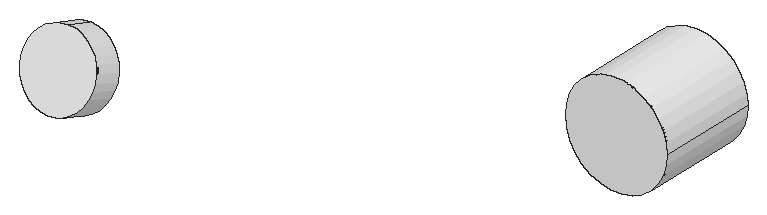
Revit family "Deca_Torneira de tanque com derivação para maquina_Torneira Uso Geral_1155.20", category Plumbing Fixtures, host Face, Revit 2019
Family settings
  Host = Face
  Round Connector Dimension = Use Radius
  Part Type = Normal
  Cut with Voids When Loaded = No
  Shared = No
  Room Calculation Point = No
Parameters (values of type "1155.C20_Cromado")
  Vazão na Pressão mín. (L/min) = "11 l/min"
  Vazão na Pressão máx. (L/min) = "41 l/min"
  URL = "www.deca.com.br"
  Tipo de rosca de saída = "-"
  Tipo de rosca de entrada = "BSP NBR 8133"
  Tipo de mecanismo utilizado = "MVC -1/4 volta"
  Tipo de dispositivo economizador = "Não"
  Segmento = "Banheiro Competitivo"
  Saída de Esgoto = "-"
  Raio Água Fria = 7.5 mm  # constant formula
  Pressão mín. funcionamento = "2 MCA"
  Pressão mín. Aquec. Passagem = "-"
  Pressão mín. Aquec. Acúmulo = "-"
  Pressão máx. funcionamento = "40 MCA"
  Peso Líquido (Kg) = 0.548
  Norma = "NBR10281"
  Model = "1155.C20"
  Material = Deca_Cromado
  Manufacturer = "Deca"
  Linha = "Torneira Uso Geral"
  Itens de Instalação = "-"
  Informações Complementares = "-"
  Description = "Torneira de tanque com derivação para maquina"
  Default Elevation = 1100 mm
  Diâmetro Água Fria = Raio Água Fria * 2  # 15 mm
  Código Pai = "1155.20"
  Criado por = "quattroD"
  Cores Componente = "-"
  Cor Secundária = "-"
  Cor Principal = "Cromado"
  Cor Interna = "-"
  Consumo = "-"
  Composição Componente = "-"
  Composição Básica = "Liga de Cobre (bronze e latão),Plásticos de Engenharia,Elastômeros"
  Composição Assento = "-"
  Composição Anel Vedação = "-"
  Categoria = "METAIS PARA AREA SERVICO"
  Atendimento ao Cliente = "0800-0117073"
  Aprovado por = "quattroD"
  Acompanha o Produto = "-"
Reference planes
  plane 1 "Center (Front/Back)": y = 0
  plane 2: z = 0
  plane 3 "Center (Left/Right)": x = 0
Forms (mm)
  Extrusion 1, solid, material "Deca_Cromado"
    sketch origin (0, 128.683, 26.326) x (1, 0, 0) y (0, 0, 1)
      loop
        circle (-0.077, 45.34) r 6.257
    from 79.556 to 91.75
  Extrusion 2, solid, material "Deca_Cromado"
    sketch origin (116.109, -231.37, 130.6) x (0, -0.34202, -0.939693) y (-1, 0, 0)
      loop
        circle (-49.09, 116.088) r 4.569
    from 176.947 to 180.461
Lines and regions (mm)
  Masking region 1
    outline origin (0, 0, 0) x (1, 0, 0) y (0, 1, 0)
      loop
        line (22.5, 58.683) -> (-22.5, 58.683)
        arc (-22.5, 58.683) -> (-27.5, 53.683) -> (-22.5, 48.683) r 5
        line (-22.5, 48.683) -> (-10.335, 48.683)
        arc (-10.335, 48.683) -> (-8.927, 48.103) -> (-8.335, 46.7) r 2
        line (-8.335, 46.7) -> (-8.25, 36.933) -> (-11.28, 36.933)
        arc (-11.28, 36.933) -> (-11.633, 36.786) -> (-11.78, 36.433) r 0.5
        line (-11.78, 36.433) -> (-11.78, 21.923)
        arc (-11.78, 21.923) -> (-25, -0.121) -> (-11.79, -22.173) r 25
        line (-11.79, -22.173) -> (-11.79, -25.657)
        arc (-11.79, -25.657) -> (-12.849, -26.814) -> (-13.055, -28.37) r 2.615
        arc (-13.055, -28.37) -> (-13.734, -29.056) -> (-14.001, -29.984) r 1.952
        line (-14.001, -29.984) -> (-14.001, -33.192) -> (-19.783, -33.192)
        arc (-19.783, -33.192) -> (-21.35, -33.841) -> (-22, -35.409) r 2.217
        line (-22, -35.409) -> (-22, -45.192)
        arc (-22, -45.192) -> (-21.414, -46.606) -> (-20, -47.192) r 2
        line (-20, -47.192) -> (-6.9, -47.192) -> (-6.9, -48.491) -> (-11.077, -48.491) -> (-13.077, -50.491) -> (-13.077, -61.291) -> (-12, -62.369) -> (-12, -63.366) -> (12, -63.366) -> (12, -62.369) -> (13.077, -61.291) -> (13.077, -50.491) -> (11.077, -48.491) -> (6.9, -48.491) -> (6.9, -47.192) -> (19.761, -47.192)
        arc (19.761, -47.192) -> (21.176, -46.606) -> (21.761, -45.192) r 2
        line (21.761, -45.192) -> (21.761, -35.192)
        spline (21.761, -35.192) -> (21.744, -34.931) -> (21.694, -34.674) -> (21.611, -34.427) -> (21.496, -34.192) -> (21.353, -33.974) -> (21.182, -33.778) -> (20.987, -33.605) -> (20.772, -33.46) -> (20.54, -33.344) -> (20.295, -33.26) -> (20.041, -33.209) -> (19.783, -33.192)
        line (19.783, -33.192) -> (14.001, -33.192) -> (14.001, -29.984)
        arc (14.001, -29.984) -> (13.91, -29.41) -> (13.638, -28.895) r 1.778
        arc (13.638, -28.895) -> (13.014, -27.078) -> (11.752, -25.63) r 5.003
        line (11.752, -25.63) -> (11.752, -22.193)
        arc (11.752, -22.193) -> (25, -0.143) -> (11.78, 21.923) r 25
        line (11.78, 21.923) -> (11.78, 36.433)
        arc (11.78, 36.433) -> (11.633, 36.786) -> (11.28, 36.933) r 0.5
        line (11.28, 36.933) -> (8.25, 36.933) -> (8.335, 46.7)
        arc (8.335, 46.7) -> (8.927, 48.103) -> (10.335, 48.683) r 2
        line (10.335, 48.683) -> (22.5, 48.683)
        arc (22.5, 48.683) -> (27.5, 53.683) -> (22.5, 58.683) r 5
  Masking region 2
    outline origin (0, 0, 0) x (1, 0, 0) y (0, 0, 1)
      loop
        arc (25, 5.03) -> (24.74, 5.874) -> (24.052, 6.425) r 1.5
        line (24.052, 6.425) -> (13.75, 10.5) -> (11.799, 10.5) -> (11.799, 31.803)
        arc (11.799, 31.803) -> (15.661, 33.761) -> (19.907, 34.613) r 16
        arc (19.907, 34.613) -> (21.135, 35.135) -> (21.761, 36.315) r 2
        arc (21.761, 36.315) -> (22, 39.545) -> (21.761, 42.776) r 22
        arc (21.761, 42.776) -> (21.136, 43.955) -> (19.907, 44.478) r 2
        arc (19.907, 44.478) -> (15.661, 45.329) -> (11.799, 47.288) r 16
        line (11.799, 47.288) -> (11.799, 69.03)
        arc (11.799, 69.03) -> (13.631, 69.418) -> (15.5, 69.548) r 13.5
        line (15.5, 69.548) -> (27.5, 69.548) -> (27.5, 73.548) -> (15.5, 73.548)
        arc (15.5, 73.548) -> (13.631, 73.678) -> (11.799, 74.065) r 13.5
        arc (11.799, 74.065) -> (11.549, 87.661) -> (10.803, 101.239) r 371.696
        arc (10.803, 101.239) -> (14.472, 109.268) -> (13.168, 117.999) r 15.515
        arc (13.168, 117.999) -> (7.802, 124.068) -> (0, 126.247) r 14.298
        arc (0, 126.247) -> (-6.991, 124.422) -> (-12.344, 119.57) r 15.165
        arc (-12.344, 119.57) -> (-14.804, 110.136) -> (-10.807, 101.244) r 14.668
        arc (-10.807, 101.244) -> (-11.571, 87.664) -> (-11.799, 74.065) r 344.699
        arc (-11.799, 74.065) -> (-13.631, 73.678) -> (-15.5, 73.548) r 13.5
        line (-15.5, 73.548) -> (-27.5, 73.548) -> (-27.5, 69.548) -> (-15.5, 69.548)
        arc (-15.5, 69.548) -> (-13.631, 69.418) -> (-11.799, 69.03) r 13.5
        line (-11.799, 69.03) -> (-11.799, 47.29)
        arc (-11.799, 47.29) -> (-15.661, 45.331) -> (-19.908, 44.478) r 16
        arc (-19.908, 44.478) -> (-21.136, 43.955) -> (-21.761, 42.776) r 2
        arc (-21.761, 42.776) -> (-22, 39.545) -> (-21.761, 36.315) r 22
        arc (-21.761, 36.315) -> (-21.135, 35.135) -> (-19.907, 34.612) r 2
        arc (-19.907, 34.612) -> (-15.661, 33.76) -> (-11.799, 31.8) r 16
        line (-11.799, 31.8) -> (-11.799, 10.5) -> (-13.75, 10.5) -> (-24.052, 6.425)
        arc (-24.052, 6.425) -> (-24.74, 5.874) -> (-25, 5.03) r 1.5
        line (-25, 5.03) -> (-25, 0) -> (25, 0) -> (25, 5.03)
  Masking region 3
    outline origin (0, 0, 0) x (0, 1, 0) y (0, 0, 1)
      loop
        line (58.683, 49.048) -> (58.683, 94.048)
        arc (58.683, 94.048) -> (53.683, 99.048) -> (48.683, 94.048) r 5
        line (48.683, 94.048) -> (48.683, 82.65)
        arc (48.683, 82.65) -> (48.087, 81.213) -> (46.65, 80.617) r 2.033
        line (46.65, 80.617) -> (36.934, 80.532) -> (36.934, 84.864)
        arc (36.934, 84.864) -> (36.742, 85.328) -> (36.277, 85.521) r 0.657
        line (36.277, 85.521) -> (20.632, 85.521)
        arc (20.632, 85.521) -> (13.416, 86.468) -> (8.489, 91.826) r 10.66
        arc (8.489, 91.826) -> (-3.207, 107.986) -> (-20.952, 117.099) r 42.848
        arc (-20.952, 117.099) -> (-22.916, 119.013) -> (-23.12, 121.748) r 3.874
        line (-23.12, 121.748) -> (-25.187, 122.499)
        arc (-25.187, 122.499) -> (-24.967, 122.972) -> (-25.158, 123.458) r 0.662
        line (-25.158, 123.458) -> (-29.331, 124.979)
        arc (-29.331, 124.979) -> (-29.725, 125.194) -> (-30.039, 125.515) r 1.511
        line (-30.039, 125.515) -> (-34.088, 126.99) -> (-35.496, 126.334) -> (-37.148, 122.886)
        arc (-37.148, 122.886) -> (-37.746, 121.399) -> (-39.027, 120.436) r 2.984
        line (-39.027, 120.436) -> (-42.685, 121.766) -> (-45.205, 121.78) -> (-44.915, 122.577) -> (-48.966, 123.149) -> (-48.676, 123.946) -> (-52.741, 124.516) -> (-52.433, 125.315) -> (-55.354, 125.473) -> (-59.327, 115.175) -> (-56.811, 113.285) -> (-56.52, 114.084) -> (-53.053, 111.916) -> (-52.762, 112.717) -> (-49.293, 110.551) -> (-49.003, 111.348) -> (-47.077, 109.747) -> (-43.693, 108.511)
        arc (-43.693, 108.511) -> (-42.84, 107.728) -> (-42.79, 106.572) r 1.514
        line (-42.79, 106.572) -> (-44.593, 101.608) -> (-43.883, 100.084) -> (-40.535, 98.868)
        arc (-40.535, 98.868) -> (-39.847, 98.7) -> (-39.16, 98.868) r 1.495
        line (-39.16, 98.868) -> (-34.852, 97.206)
        arc (-34.852, 97.206) -> (-34.256, 97.332) -> (-34.13, 97.928) r 0.559
        line (-34.13, 97.928) -> (-32.054, 97.172)
        arc (-32.054, 97.172) -> (-29.777, 99.1) -> (-26.821, 98.694) r 3.663
        arc (-26.821, 98.694) -> (-15.946, 88.415) -> (-11.937, 73.999) r 27.928
        line (-11.937, 73.999) -> (-11.937, 61.803)
        arc (-11.937, 61.803) -> (-14.575, 55.435) -> (-20.943, 52.797) r 9.006
        line (-20.943, 52.797) -> (-33.192, 53.227) -> (-33.903, 60.25)
        arc (-33.903, 60.25) -> (-34.495, 61.678) -> (-35.923, 62.269) r 2.019
        line (-35.923, 62.269) -> (-44.456, 62.269)
        arc (-44.456, 62.269) -> (-46.031, 61.534) -> (-46.481, 59.856) r 2.056
        arc (-46.481, 59.856) -> (-46.82, 56.714) -> (-47.049, 53.562) r 91.611
        line (-47.049, 53.562) -> (-47.049, 47.17) -> (-48.527, 47.17) -> (-48.527, 51.347) -> (-50.528, 53.347) -> (-61.292, 53.347) -> (-62.368, 52.271) -> (-63.366, 52.271) -> (-63.366, 28.271) -> (-62.368, 28.271) -> (-61.292, 27.195) -> (-50.528, 27.195) -> (-48.527, 29.195) -> (-48.527, 33.369) -> (-47.192, 33.369) -> (-47.192, 27.294) -> (-46.507, 20.713)
        arc (-46.507, 20.713) -> (-46.051, 19.013) -> (-44.456, 18.27) r 2.082
        line (-44.456, 18.27) -> (-35.923, 18.27)
        arc (-35.923, 18.27) -> (-34.534, 18.807) -> (-33.868, 20.14) r 2.063
        line (-33.868, 20.14) -> (-33.192, 27.315) -> (-21.243, 27.731)
        arc (-21.243, 27.731) -> (-14.655, 25.002) -> (-11.926, 18.414) r 9.317
        line (-11.926, 18.414) -> (-11.926, 10.46) -> (-13.997, 10.46) -> (-24.178, 6.428)
        arc (-24.178, 6.428) -> (-24.858, 5.871) -> (-25.127, 5.034) r 1.556
        line (-25.127, 5.034) -> (-25.127, 0) -> (24.873, 0) -> (24.873, 5.034)
        arc (24.873, 5.034) -> (24.613, 5.877) -> (23.924, 6.428) r 1.498
        line (23.924, 6.428) -> (13.742, 10.46) -> (11.671, 10.46) -> (11.671, 51.671)
        arc (11.671, 51.671) -> (14.413, 57.465) -> (20.632, 59.02) r 7.493
        line (20.632, 59.02) -> (36.433, 59.02)
        arc (36.433, 59.02) -> (36.803, 59.486) -> (36.934, 60.066) r 1.343
        line (36.934, 60.066) -> (36.934, 64.008) -> (46.65, 63.923)
        arc (46.65, 63.923) -> (48.086, 63.329) -> (48.681, 61.892) r 2.031
        line (48.681, 61.892) -> (48.681, 49.048)
        arc (48.681, 49.048) -> (53.682, 44.047) -> (58.683, 49.048) r 5.001
  symbolic lines
    curve 1: line (22.5, 58.683, 0) -> (-22.5, 58.683, 0)
    curve 2: arc (-22.5, 58.683, 0) -> (-27.5, 53.683, 0) -> (-22.5, 48.683, 0) r 5
    curve 3: line (-10.335, 48.683, 0) -> (-22.5, 48.683, 0)
    curve 4: line (-15.5, 58.683, 0) -> (-15.5, 48.683, 0)
    curve 5: line (-2, 58.683, 0) -> (-2, 48.683, 0)
    curve 6: line (2, 48.683, 0) -> (2, 58.683, 0)
    curve 7: line (15.5, 48.683, 0) -> (15.5, 58.683, 0)
    curve 8: arc (22.5, 48.683, 0) -> (27.5, 53.683, 0) -> (22.5, 58.683, 0) r 5
    curve 9: line (22.5, 48.683, 0) -> (10.335, 48.683, 0)
    curve 10: line (8.335, 46.7, 0) -> (-8.335, 46.7, 0)
    curve 11: line (-8.335, 46.7, 0) -> (-8.25, 36.933, 0)
    curve 12: line (8.25, 36.933, 0) -> (8.335, 46.7, 0)
    curve 13: arc (10.335, 48.683, 0) -> (8.927, 48.103, 0) -> (8.335, 46.7, 0) r 2
    curve 14: arc (-8.335, 46.7, 0) -> (-8.927, 48.103, 0) -> (-10.335, 48.683, 0) r 2
    curve 15: line (3.259, 48.683, 0) -> (-3.259, 48.683, 0)
    curve 16: line (11.28, 36.933, 0) -> (-11.28, 36.933, 0)
    curve 17: line (-11.78, 36.433, 0) -> (11.78, 36.433, 0)
    curve 18: line (-11.78, 20.623, 0) -> (-11.78, 36.433, 0)
    curve 19: line (11.78, 36.433, 0) -> (11.78, 20.623, 0)
    curve 20: line (11.78, 20.623, 0) -> (-11.78, 20.623, 0)
    curve 21: line (-11.674, 1.584, 0) -> (-11.674, 20.623, 0)
    curve 22: line (11.674, 1.584, 0) -> (11.674, 20.623, 0)
    curve 23: arc (-11.674, 7.138, 0) -> (-13.75, -0.016, 0) -> (-11.79, -7.202, 0) r 13.75
    curve 24: arc (-11.354, 3.082, 0) -> (-11.797, 0.069, 0) -> (-11.455, -2.957, 0) r 11.799
    curve 25: arc (11.454, -2.959, 0) -> (11.797, 0.068, 0) -> (11.354, 3.082, 0) r 11.799
    curve 26: arc (11.752, -7.265, 0) -> (13.75, -0.053, 0) -> (11.674, 7.138, 0) r 13.75
    curve 27: line (-11.79, -25.657, 0) -> (-11.79, -1.533, 0)
    curve 28: line (11.752, -1.533, 0) -> (11.752, -25.63, 0)
    curve 29: spline (-5.199, -21.23, 0) -> (-5.86, -21.375, 0) -> (-6.48, -21.537, 0) -> (-7.055, -21.715, 0) -> (-7.581, -21.907, 0) -> (-8.054, -22.112, 0) -> (-8.471, -22.329, 0) -> (-8.829, -22.556, 0) -> (-9.125, -22.792, 0) -> (-9.358, -23.034, 0) -> (-9.525, -23.282, 0) -> (-9.626, -23.534, 0) -> (-9.659, -23.787, 0)
    curve 30: spline (5.199, -21.23, 0) -> (4.405, -21.087, 0) -> (3.573, -20.968, 0) -> (2.708, -20.874, 0) -> (1.819, -20.807, 0) -> (0.914, -20.766, 0) -> (0, -20.753, 0) -> (-0.914, -20.766, 0) -> (-1.819, -20.807, 0) -> (-2.708, -20.874, 0) -> (-3.573, -20.968, 0) -> (-4.405, -21.087, 0) -> (-5.199, -21.23, 0)
    curve 31: spline (9.659, -23.787, 0) -> (9.626, -23.534, 0) -> (9.525, -23.282, 0) -> (9.358, -23.034, 0) -> (9.125, -22.792, 0) -> (8.829, -22.556, 0) -> (8.471, -22.329, 0) -> (8.054, -22.112, 0) -> (7.581, -21.907, 0) -> (7.055, -21.715, 0) -> (6.48, -21.537, 0) -> (5.86, -21.375, 0) -> (5.199, -21.23, 0)
    curve 32: spline (11.752, -25.63, 0) -> (10.484, -24.918, 0) -> (8.851, -24.3, 0) -> (6.911, -23.795, 0) -> (4.73, -23.423, 0) -> (2.385, -23.195, 0) -> (-0.044, -23.12, 0) -> (-2.47, -23.201, 0) -> (-4.811, -23.434, 0) -> (-6.985, -23.811, 0) -> (-8.915, -24.32, 0) -> (-10.536, -24.942, 0) -> (-11.79, -25.657, 0)
    curve 33: spline (14.001, -29.984, 0) -> (13.524, -28.746, 0) -> (12.125, -27.592, 0) -> (9.9, -26.601, 0) -> (7.001, -25.841, 0) -> (3.624, -25.363, 0) -> (0, -25.2, 0) -> (-3.624, -25.363, 0) -> (-7.001, -25.841, 0) -> (-9.9, -26.601, 0) -> (-12.125, -27.592, 0) -> (-13.524, -28.746, 0) -> (-14.001, -29.984, 0)
    curve 34: line (-14.001, -29.984, 0) -> (-14.128, -34.188, 0)
    curve 35: line (14.001, -29.984, 0) -> (13.976, -33.873, 0)
    curve 36: line (-14.22, -35.192, 0) -> (-21.761, -35.192, 0)
    curve 37: line (14.25, -35.192, 0) -> (21.761, -35.192, 0)
    curve 38: spline (21.761, -35.192, 0) -> (21.744, -34.931, 0) -> (21.694, -34.674, 0) -> (21.611, -34.427, 0) -> (21.496, -34.192, 0) -> (21.353, -33.974, 0) -> (21.182, -33.778, 0) -> (20.987, -33.605, 0) -> (20.772, -33.46, 0) -> (20.54, -33.344, 0) -> (20.295, -33.26, 0) -> (20.041, -33.209, 0) -> (19.783, -33.192, 0)
    curve 39: spline (-19.783, -33.192, 0) -> (-20.041, -33.209, 0) -> (-20.295, -33.26, 0) -> (-20.54, -33.344, 0) -> (-20.772, -33.46, 0) -> (-20.987, -33.605, 0) -> (-21.182, -33.778, 0) -> (-21.353, -33.974, 0) -> (-21.496, -34.192, 0) -> (-21.611, -34.427, 0) -> (-21.694, -34.674, 0) -> (-21.744, -34.931, 0) -> (-21.761, -35.192, 0)
    curve 40: line (-19.908, -45.192, 0) -> (-19.908, -35.192, 0)
    curve 41: line (-22, -35.192, 0) -> (-22, -45.192, 0)
    curve 42: line (-21.761, -35.192, 0) -> (-21.761, -45.192, 0)
    curve 43: spline (-21.761, -45.192, 0) -> (-21.744, -45.453, 0) -> (-21.694, -45.71, 0) -> (-21.611, -45.957, 0) -> (-21.496, -46.192, 0) -> (-21.353, -46.41, 0) -> (-21.182, -46.606, 0) -> (-20.987, -46.779, 0) -> (-20.772, -46.924, 0) -> (-20.54, -47.04, 0) -> (-20.295, -47.124, 0) -> (-20.041, -47.175, 0) -> (-19.783, -47.192, 0)
    curve 44: line (-22, -45.192, 0) -> (-6.373, -45.192, 0)
    curve 45: arc (-22, -45.192, 0) -> (-21.414, -46.606, 0) -> (-20, -47.192, 0) r 2
    curve 46: line (22, -45.192, 0) -> (6.373, -45.192, 0)
    curve 47: spline (6.373, -45.192, 0) -> (6.303, -44.585, 0) -> (5.747, -44.008, 0) -> (4.749, -43.506, 0) -> (3.385, -43.116, 0) -> (1.76, -42.87, 0) -> (0, -42.785, 0) -> (-1.76, -42.87, 0) -> (-3.385, -43.116, 0) -> (-4.749, -43.506, 0) -> (-5.747, -44.008, 0) -> (-6.303, -44.585, 0) -> (-6.373, -45.192, 0)
    curve 48: spline (6.352, -47.356, 0) -> (6.305, -46.744, 0) -> (5.765, -46.161, 0) -> (4.772, -45.652, 0) -> (3.406, -45.256, 0) -> (1.772, -45.006, 0) -> (0, -44.92, 0) -> (-1.772, -45.006, 0) -> (-3.406, -45.256, 0) -> (-4.772, -45.652, 0) -> (-5.765, -46.161, 0) -> (-6.305, -46.744, 0) -> (-6.352, -47.356, 0)
    curve 49: spline (6.377, -51.036, 0) -> (6.273, -50.438, 0) -> (5.698, -49.872, 0) -> (4.695, -49.381, 0) -> (3.341, -49.001, 0) -> (1.735, -48.761, 0) -> (0, -48.679, 0) -> (-1.735, -48.761, 0) -> (-3.341, -49.001, 0) -> (-4.695, -49.381, 0) -> (-5.698, -49.872, 0) -> (-6.273, -50.438, 0) -> (-6.377, -51.036, 0)
    curve 50: spline (6.356, -54.866, 0) -> (6.304, -54.255, 0) -> (5.759, -53.673, 0) -> (4.766, -53.166, 0) -> (3.4, -52.772, 0) -> (1.769, -52.522, 0) -> (0, -52.437, 0) -> (-1.769, -52.522, 0) -> (-3.4, -52.772, 0) -> (-4.766, -53.166, 0) -> (-5.759, -53.673, 0) -> (-6.304, -54.255, 0) -> (-6.356, -54.866, 0)
    curve 51: spline (5.544, -57.254, 0) -> (5.355, -56.763, 0) -> (4.801, -56.306, 0) -> (3.92, -55.913, 0) -> (2.772, -55.612, 0) -> (1.435, -55.423, 0) -> (0, -55.358, 0) -> (-1.435, -55.423, 0) -> (-2.772, -55.612, 0) -> (-3.92, -55.913, 0) -> (-4.801, -56.306, 0) -> (-5.355, -56.763, 0) -> (-5.544, -57.254, 0) -> (-5.355, -57.744, 0) -> (-4.801, -58.202, 0) -> (-3.92, -58.594, 0) -> (-2.772, -58.896, 0) -> (-1.435, -59.085, 0) -> (0, -59.15, 0) -> (1.435, -59.085, 0) -> (2.772, -58.896, 0) -> (3.92, -58.594, 0) -> (4.801, -58.202, 0) -> (5.355, -57.744, 0) -> (5.544, -57.254, 0)
    curve 52: spline (-4.5, -57.254, 0) -> (-4.347, -57.652, 0) -> (-3.897, -58.023, 0) -> (-3.182, -58.342, 0) -> (-2.25, -58.586, 0) -> (-1.165, -58.74, 0) -> (0, -58.793, 0) -> (1.165, -58.74, 0) -> (2.25, -58.586, 0) -> (3.182, -58.342, 0) -> (3.897, -58.023, 0) -> (4.347, -57.652, 0) -> (4.5, -57.254, 0) -> (4.347, -56.855, 0) -> (3.897, -56.484, 0) -> (3.182, -56.166, 0) -> (2.25, -55.921, 0) -> (1.165, -55.767, 0) -> (0, -55.715, 0) -> (-1.165, -55.767, 0) -> (-2.25, -55.921, 0) -> (-3.182, -56.166, 0) -> (-3.897, -56.484, 0) -> (-4.347, -56.855, 0) -> (-4.5, -57.254, 0)
    curve 53: line (5.51, -57.464, 0) -> (6.356, -54.866, 0)
    curve 54: line (-5.51, -57.464, 0) -> (-6.356, -54.866, 0)
    curve 55: line (-5.775, -53.684, 0) -> (-6.377, -51.036, 0)
    curve 56: line (-5.775, -53.684, 0) -> (-6.377, -51.036, 0)
    curve 57: line (5.775, -53.684, 0) -> (6.377, -51.036, 0)
    curve 58: line (-5.774, -49.925, 0) -> (-6.352, -47.356, 0)
    curve 59: line (5.774, -49.925, 0) -> (6.352, -47.356, 0)
    curve 60: line (-6.373, -45.192, 0) -> (-5.931, -46.29, 0)
    curve 61: line (6.373, -45.192, 0) -> (5.931, -46.29, 0)
    curve 62: line (11.077, -48.491, 0) -> (13.077, -50.491, 0)
    curve 63: line (-13.077, -50.491, 0) -> (-11.077, -48.491, 0)
    curve 64: line (-13.077, -50.491, 0) -> (-13.077, -61.291, 0)
    curve 65: line (13.077, -61.291, 0) -> (13.077, -50.491, 0)
    curve 66: line (-13.077, -61.291, 0) -> (13.077, -61.291, 0)
    curve 67: line (12.002, -62.366, 0) -> (-12.002, -62.366, 0)
    curve 68: line (-12, -63.366, 0) -> (12, -63.366, 0)
    curve 69: line (-12.002, -62.366, 0) -> (-13.077, -61.291, 0)
    curve 70: line (-12, -62.366, 0) -> (-12, -63.366, 0)
    curve 71: line (13.077, -61.291, 0) -> (12.002, -62.366, 0)
    curve 72: line (-12, -63.366, 0) -> (12, -63.366, 0)
    curve 73: line (12, -63.366, 0) -> (12, -62.366, 0)
    curve 74: spline (19.783, -47.192, 0) -> (20.041, -47.175, 0) -> (20.295, -47.124, 0) -> (20.54, -47.04, 0) -> (20.772, -46.924, 0) -> (20.987, -46.779, 0) -> (21.182, -46.606, 0) -> (21.353, -46.41, 0) -> (21.496, -46.192, 0) -> (21.611, -45.957, 0) -> (21.694, -45.71, 0) -> (21.744, -45.453, 0) -> (21.761, -45.192, 0)
    curve 75: line (22, -35.192, 0) -> (22, -45.192, 0)
    curve 76: line (19.907, -35.192, 0) -> (19.907, -45.192, 0)
    curve 77: spline (19.783, -47.192, 0) -> (19.799, -47.175, 0) -> (19.815, -47.124, 0) -> (19.831, -47.04, 0) -> (19.845, -46.924, 0) -> (19.859, -46.779, 0) -> (19.871, -46.606, 0) -> (19.882, -46.41, 0) -> (19.891, -46.192, 0) -> (19.898, -45.957, 0) -> (19.903, -45.71, 0) -> (19.906, -45.453, 0) -> (19.907, -45.192, 0)
    curve 78: line (21.761, -45.192, 0) -> (21.761, -35.192, 0)
    curve 79: line (-6.9, -47.192, 0) -> (-6.9, -48.491, 0)
    curve 80: line (6.9, -47.192, 0) -> (6.9, -48.491, 0)
    curve 81: spline (-19.908, -45.192, 0) -> (-19.906, -45.453, 0) -> (-19.903, -45.71, 0) -> (-19.898, -45.957, 0) -> (-19.891, -46.192, 0) -> (-19.882, -46.41, 0) -> (-19.871, -46.606, 0) -> (-19.859, -46.779, 0) -> (-19.845, -46.924, 0) -> (-19.831, -47.04, 0) -> (-19.815, -47.124, 0) -> (-19.799, -47.175, 0) -> (-19.783, -47.192, 0)
    curve 82: line (-19.783, -47.192, 0) -> (-6.9, -47.192, 0)
    curve 83: line (6.9, -47.192, 0) -> (19.783, -47.192, 0)
    curve 84: line (11.077, -48.491, 0) -> (6.9, -48.491, 0)
    curve 85: line (-6.9, -48.491, 0) -> (-11.077, -48.491, 0)
    curve 86: line (13.077, -50.491, 0) -> (6.275, -50.491, 0)
    curve 87: line (-6.275, -50.491, 0) -> (-13.077, -50.491, 0)
    curve 88: line (-4.577, -56.021, 0) -> (-4.577, -47.93, 0)
    curve 89: line (4.621, -56.021, 0) -> (4.621, -48.442, 0)
    curve 90: spline (6.405, -42.674, 0) -> (8.634, -41.631, 0) -> (9.498, -40.374, 0) -> (8.86, -39.101, 0) -> (6.821, -38.014, 0) -> (3.703, -37.285, 0) -> (0, -37.028, 0) -> (-3.703, -37.285, 0) -> (-6.821, -38.014, 0) -> (-8.86, -39.101, 0) -> (-9.498, -40.374, 0) -> (-8.634, -41.631, 0) -> (-6.405, -42.674, 0)
    curve 91: spline (6.405, -41.545, 0) -> (7.29, -40.719, 0) -> (7.294, -39.839, 0) -> (6.417, -39.012, 0) -> (4.764, -38.338, 0) -> (2.535, -37.898, 0) -> (0, -37.745, 0) -> (-2.535, -37.898, 0) -> (-4.764, -38.338, 0) -> (-6.417, -39.012, 0) -> (-7.294, -39.839, 0) -> (-7.29, -40.719, 0) -> (-6.405, -41.545, 0)
    curve 92: spline (6.405, -41.215, 0) -> (6.187, -40.649, 0) -> (5.547, -40.121, 0) -> (4.529, -39.667, 0) -> (3.203, -39.319, 0) -> (1.658, -39.101, 0) -> (0, -39.026, 0) -> (-1.658, -39.101, 0) -> (-3.203, -39.319, 0) -> (-4.529, -39.667, 0) -> (-5.547, -40.121, 0) -> (-6.187, -40.649, 0) -> (-6.405, -41.215, 0)
    curve 93: line (-6.405, -41.215, 0) -> (-6.405, -44.974, 0)
    curve 94: line (6.405, -41.215, 0) -> (6.405, -44.974, 0)
    curve 95: spline (6.405, -43.946, 0) -> (10.651, -42.647, 0) -> (12.882, -40.855, 0) -> (12.676, -38.909, 0) -> (10.072, -37.177, 0) -> (5.562, -35.987, 0) -> (0, -35.563, 0) -> (-5.562, -35.987, 0) -> (-10.072, -37.177, 0) -> (-12.676, -38.909, 0) -> (-12.882, -40.855, 0) -> (-10.651, -42.647, 0) -> (-6.405, -43.946, 0)
    curve 96: line (-14.22, -34.505, 0) -> (-14.22, -38.639, 0)
    curve 97: line (14.25, -34.823, 0) -> (14.25, -38.957, 0)
    curve 98: spline (14.128, -34.188, 0) -> (14.118, -34.161, 0) -> (14.107, -34.135, 0) -> (14.096, -34.109, 0) -> (14.084, -34.082, 0) -> (14.072, -34.056, 0) -> (14.06, -34.03, 0) -> (14.047, -34.004, 0) -> (14.034, -33.978, 0) -> (14.02, -33.951, 0) -> (14.006, -33.925, 0) -> (13.991, -33.899, 0) -> (13.976, -33.873, 0)
    curve 99: spline (14.25, -34.823, 0) -> (14.25, -34.797, 0) -> (14.249, -34.77, 0) -> (14.248, -34.743, 0) -> (14.247, -34.717, 0) -> (14.245, -34.69, 0) -> (14.243, -34.664, 0) -> (14.24, -34.637, 0) -> (14.237, -34.611, 0) -> (14.233, -34.584, 0) -> (14.229, -34.558, 0) -> (14.225, -34.531, 0) -> (14.22, -34.505, 0)
    curve 100: spline (-14.253, -38.958, 0) -> (-14.253, -38.984, 0) -> (-14.252, -39.011, 0) -> (-14.251, -39.037, 0) -> (-14.25, -39.064, 0) -> (-14.248, -39.091, 0) -> (-14.246, -39.117, 0) -> (-14.243, -39.144, 0) -> (-14.24, -39.17, 0) -> (-14.236, -39.197, 0) -> (-14.232, -39.223, 0) -> (-14.228, -39.25, 0) -> (-14.223, -39.276, 0)
    curve 101: spline (-14.131, -39.594, 0) -> (-14.121, -39.62, 0) -> (-14.11, -39.646, 0) -> (-14.099, -39.672, 0) -> (-14.087, -39.699, 0) -> (-14.075, -39.725, 0) -> (-14.063, -39.751, 0) -> (-14.05, -39.777, 0) -> (-14.037, -39.804, 0) -> (-14.023, -39.83, 0) -> (-14.009, -39.856, 0) -> (-13.994, -39.882, 0) -> (-13.979, -39.908, 0)
    curve 102: spline (-13.732, -40.128, 0) -> (-13.717, -40.154, 0) -> (-13.702, -40.179, 0) -> (-13.686, -40.205, 0) -> (-13.669, -40.23, 0) -> (-13.653, -40.256, 0) -> (-13.636, -40.281, 0) -> (-13.618, -40.306, 0) -> (-13.6, -40.332, 0) -> (-13.582, -40.357, 0) -> (-13.563, -40.382, 0) -> (-13.544, -40.408, 0) -> (-13.524, -40.433, 0)
    curve 103: spline (13.258, -40.732, 0) -> (13.283, -40.708, 0) -> (13.307, -40.683, 0) -> (13.33, -40.658, 0) -> (13.353, -40.633, 0) -> (13.376, -40.608, 0) -> (13.398, -40.583, 0) -> (13.42, -40.558, 0) -> (13.442, -40.533, 0) -> (13.463, -40.508, 0) -> (13.484, -40.483, 0) -> (13.504, -40.458, 0) -> (13.524, -40.433, 0)
    curve 104: spline (13.768, -40.218, 0) -> (13.787, -40.193, 0) -> (13.807, -40.167, 0) -> (13.826, -40.141, 0) -> (13.845, -40.115, 0) -> (13.863, -40.09, 0) -> (13.881, -40.064, 0) -> (13.898, -40.038, 0) -> (13.915, -40.012, 0) -> (13.932, -39.986, 0) -> (13.948, -39.96, 0) -> (13.964, -39.934, 0) -> (13.979, -39.908, 0)
    curve 105: spline (14.131, -39.594, 0) -> (14.141, -39.567, 0) -> (14.151, -39.541, 0) -> (14.16, -39.514, 0) -> (14.169, -39.488, 0) -> (14.177, -39.462, 0) -> (14.185, -39.435, 0) -> (14.192, -39.409, 0) -> (14.199, -39.382, 0) -> (14.206, -39.356, 0) -> (14.212, -39.329, 0) -> (14.217, -39.303, 0) -> (14.223, -39.276, 0)
    curve 106: line (-13.524, -33.346, 0) -> (-13.524, -37.956, 0)
    curve 107: line (-12.936, -32.766, 0) -> (-12.936, -37.363, 0)
    curve 108: line (-12.125, -32.192, 0) -> (-12.125, -36.879, 0)
    curve 109: line (-11.849, -32.042, 0) -> (-11.849, -36.252, 0)
    curve 110: line (-11.108, -31.73, 0) -> (-11.108, -36.282, 0)
    curve 111: line (-10.714, -31.612, 0) -> (-10.714, -35.746, 0)
    curve 112: line (-9.9, -31.202, 0) -> (-9.9, -35.908, 0)
    curve 113: line (-9.396, -31.166, 0) -> (-9.396, -35.296, 0)
    curve 114: line (-8.523, -30.789, 0) -> (-8.523, -35.399, 0)
    curve 115: line (-7.917, -30.737, 0) -> (-7.917, -34.908, 0)
    curve 116: line (-7.001, -30.509, 0) -> (-7.001, -35.051, 0)
    curve 117: line (-6.303, -30.456, 0) -> (-6.303, -34.589, 0)
    curve 118: line (-5.358, -30.169, 0) -> (-5.358, -34.774, 0)
    curve 119: line (-4.581, -30.212, 0) -> (-4.581, -34.345, 0)
    curve 120: line (-3.624, -29.904, 0) -> (-3.624, -34.573, 0)
    curve 121: line (-2.78, -30.047, 0) -> (-2.78, -34.181, 0)
    curve 122: line (-1.828, -29.841, 0) -> (-1.828, -34.451, 0)
    curve 123: line (-0.932, -29.964, 0) -> (-0.932, -34.097, 0)
    curve 124: line (0.932, -29.964, 0) -> (0.932, -34.097, 0)
    curve 125: line (1.86, -34.129, 0) -> (1.86, -29.995, 0)
    curve 126: line (2.78, -30.047, 0) -> (2.78, -34.181, 0)
    curve 127: line (3.689, -34.253, 0) -> (3.689, -30.119, 0)
    curve 128: line (4.581, -30.212, 0) -> (4.581, -34.345, 0)
    curve 129: line (5.454, -34.458, 0) -> (5.454, -30.324, 0)
    curve 130: line (6.303, -30.456, 0) -> (6.303, -34.589, 0)
    curve 131: line (7.127, -34.74, 0) -> (7.127, -30.606, 0)
    curve 132: line (7.917, -30.774, 0) -> (7.917, -34.908, 0)
    curve 133: line (8.677, -35.094, 0) -> (8.677, -30.96, 0)
    curve 134: line (9.396, -31.162, 0) -> (9.396, -35.296, 0)
    curve 135: line (10.079, -35.514, 0) -> (10.079, -31.38, 0)
    curve 136: line (10.714, -31.612, 0) -> (10.714, -35.746, 0)
    curve 137: line (11.308, -35.993, 0) -> (11.308, -31.859, 0)
    curve 138: line (11.849, -32.118, 0) -> (11.849, -36.252, 0)
    curve 139: line (12.344, -36.522, 0) -> (12.344, -32.388, 0)
    curve 140: line (12.937, -32.722, 0) -> (12.783, -36.803, 0)
    curve 141: line (13.168, -37.094, 0) -> (13.258, -33.047, 0)
    curve 142: line (13.768, -37.697, 0) -> (13.768, -33.563, 0)
    curve 143: arc (-13.732, -40.128, 0) -> (-12.995, -37.812, 0) -> (-11.108, -36.282, 0) r 4.241
    curve 144: arc (13.768, -40.218, 0) -> (13.669, -38.54, 0) -> (12.687, -37.176, 0) r 3.015
    curve 145: arc (-11.108, -36.282, 0) -> (0.87, -34.588, 0) -> (12.687, -37.176, 0) r 34.157
    curve 146: arc (13.258, -33.047, 0) -> (11.608, -31.732, 0) -> (9.643, -30.96, 0) r 7.098
    curve 147: arc (-13.524, -33.346, 0) -> (-12.25, -32.267, 0) -> (-10.714, -31.612, 0) r 5.59
    curve 148: arc (-10.714, -31.612, 0) -> (-0.587, -29.665, 0) -> (9.643, -30.96, 0) r 32.781
    curve 149: line (0, -29.651, 0) -> (0, -34.345, 0)
    curve 150: arc (11.785, -22.176, 0) -> (25, -0.125, 0) -> (11.78, 21.923, 0) r 25
    curve 151: arc (11.783, -21.095, 0) -> (24.052, -0.126, 0) -> (11.78, 20.842, 0) r 24.052
    curve 152: arc (-11.78, 21.923, 0) -> (-25, -0.125, 0) -> (-11.785, -22.176, 0) r 25
    curve 153: arc (-11.78, 20.842, 0) -> (-24.052, -0.126, 0) -> (-11.783, -21.095, 0) r 24.052
    curve 154: arc (-11.79, -25.657, 0) -> (-12.849, -26.814, 0) -> (-13.055, -28.37, 0) r 2.615
    curve 155: arc (11.752, -25.63, 0) -> (13.014, -27.078, 0) -> (13.638, -28.895, 0) r 5.003
    curve 156: arc (-11.455, -2.957, 0) -> (-10.817, -13.394, 0) -> (-9.659, -23.787, 0) r 209.62
    curve 157: arc (11.454, -2.959, 0) -> (10.933, -13.405, 0) -> (9.659, -23.787, 0) r 144.682
    curve 158: spline (9.659, -24.374, 0) -> (9.33, -23.494, 0) -> (8.365, -22.674, 0) -> (6.83, -21.97, 0) -> (4.83, -21.43, 0) -> (2.5, -21.09, 0) -> (0, -20.974, 0) -> (-2.5, -21.09, 0) -> (-4.83, -21.43, 0) -> (-6.83, -21.97, 0) -> (-8.365, -22.674, 0) -> (-9.33, -23.494, 0) -> (-9.659, -24.374, 0)
    curve 159: line (0, -20.974, 0) -> (0, -23.12, 0)
    curve 160: spline (12.763, -28, 0) -> (11.521, -27.168, 0) -> (9.82, -26.437, 0) -> (7.729, -25.836, 0) -> (5.33, -25.389, 0) -> (2.719, -25.114, 0) -> (0, -25.02, 0) -> (-2.719, -25.114, 0) -> (-5.33, -25.389, 0) -> (-7.729, -25.836, 0) -> (-9.82, -26.437, 0) -> (-11.521, -27.168, 0) -> (-12.763, -28, 0)
    curve 161: arc (-11.354, 3.082, 0) -> (-10.381, 4.549, 0) -> (-9.135, 5.793, 0) r 8.808
    curve 162: arc (11.354, 3.082, 0) -> (10.324, 4.528, 0) -> (9.079, 5.793, 0) r 11.218
    curve 163: arc (9.079, 5.793, 0) -> (-0.028, 8.076, 0) -> (-9.135, 5.793, 0) r 19.31
    curve 164: arc (-6.64, 15.554, 0) -> (0, 18.508, 0) -> (6.64, 15.554, 0) r 8.942
    curve 165: arc (-6.64, 15.554, 0) -> (-9.982, 9.845, 0) -> (-11.674, 3.449, 0) r 24.485
    curve 166: arc (6.64, 15.554, 0) -> (10.132, 10.1, 0) -> (11.674, 3.81, 0) r 19.778
    curve 167: line (-6.64, 15.554, 0) -> (-11.047, 4.073, 0)
    curve 168: line (6.64, 15.554, 0) -> (10.899, 3.781, 0)
    curve 169: line (-19.783, -33.192, 0) -> (-14.098, -33.192, 0)
    curve 170: line (19.783, -33.192, 0) -> (13.981, -33.192, 0)
    curve 171: arc (-5.139, 47.592, 0) -> (-4.264, 48.249, 0) -> (-3.259, 48.683, 0) r 4.643
    curve 172: arc (-10.069, 48.665, 0) -> (-8.336, 48.381, 0) -> (-6.767, 47.592, 0) r 5.798
    curve 173: arc (-6.767, 47.592, 0) -> (-5.953, 47.332, 0) -> (-5.139, 47.592, 0) r 1.404
    curve 174: arc (10.335, 48.683, 0) -> (8.547, 48.415, 0) -> (6.915, 47.637, 0) r 6.116
    curve 175: arc (3.259, 48.683, 0) -> (4.378, 48.149, 0) -> (5.399, 47.447, 0) r 7.856
    curve 176: arc (5.399, 47.447, 0) -> (6.18, 47.361, 0) -> (6.915, 47.637, 0) r 1.691
    curve 177: arc (-11.28, 36.933, 0) -> (-11.633, 36.786, 0) -> (-11.78, 36.433, 0) r 0.5
    curve 178: arc (11.78, 36.433, 0) -> (11.633, 36.786, 0) -> (11.28, 36.933, 0) r 0.5
    curve 179: line (-11.799, 0, 10.5) -> (-11.799, 0, 69.03)
    curve 180: line (11.799, 0, 10.5) -> (11.799, 0, 69.03)
    curve 181: line (-11.799, 0, 10.5) -> (11.799, 0, 10.5)
    curve 182: line (24.052, 0, 6.425) -> (13.75, 0, 10.5)
    curve 183: line (-13.75, 0, 10.5) -> (13.75, 0, 10.5)
    curve 184: line (-13.75, 0, 10.5) -> (-24.052, 0, 6.425)
    curve 185: arc (-25, 0, 5.03) -> (-24.74, 0, 5.874) -> (-24.052, 0, 6.425) r 1.5
    curve 186: line (-25, 0, 0) -> (-25, 0, 5.03)
    curve 187: arc (24.052, 0, 6.425) -> (24.74, 0, 5.874) -> (25, 0, 5.03) r 1.5
    curve 188: line (25, 0, 5.03) -> (25, 0, 0)
    curve 189: line (25, 0, 0) -> (-25, 0, 0)
    curve 190: line (-25, 0, 5.03) -> (25, 0, 5.03)
    curve 191: line (-24.052, 0, 6.425) -> (24.052, 0, 6.425)
    curve 192: arc (-11.799, 0, 47.29) -> (-15.661, 0, 45.331) -> (-19.908, 0, 44.478) r 16
    curve 193: arc (-11.799, 0, 44.92) -> (-15.648, 0, 43.232) -> (-19.783, 0, 42.482) r 18
    curve 194: arc (-19.907, 0, 34.612) -> (-15.661, 0, 33.76) -> (-11.799, 0, 31.8) r 16
    curve 195: arc (-19.783, 0, 36.609) -> (-15.647, 0, 35.859) -> (-11.799, 0, 34.171) r 18
    curve 196: arc (-19.783, 0, 36.609) -> (-20, 0, 39.545) -> (-19.783, 0, 42.482) r 20
    curve 197: line (-19.783, 0, 36.609) -> (-19.907, 0, 34.612)
    curve 198: arc (-19.907, 0, 34.612) -> (-21.135, 0, 35.135) -> (-21.761, 0, 36.315) r 2
    curve 199: arc (-21.761, 0, 42.776) -> (-21.136, 0, 43.955) -> (-19.908, 0, 44.478) r 2
    curve 200: arc (-21.761, 0, 36.315) -> (-22, 0, 39.545) -> (-21.761, 0, 42.776) r 22
    curve 201: line (-19.908, 0, 44.478) -> (-19.783, 0, 42.482)
    curve 202: line (-19.783, 0, 42.482) -> (-21.761, 0, 42.776)
    curve 203: line (-21.761, 0, 36.315) -> (-19.783, 0, 36.609)
    curve 204: arc (19.907, 0, 44.478) -> (15.661, 0, 45.329) -> (11.799, 0, 47.288) r 16
    curve 205: arc (19.783, 0, 42.482) -> (15.648, 0, 43.231) -> (11.799, 0, 44.918) r 18
    curve 206: arc (19.907, 0, 44.478) -> (21.136, 0, 43.955) -> (21.761, 0, 42.776) r 2
    curve 207: arc (21.761, 0, 42.776) -> (22, 0, 39.545) -> (21.761, 0, 36.315) r 22
    curve 208: arc (21.761, 0, 36.315) -> (21.135, 0, 35.135) -> (19.907, 0, 34.613) r 2
    curve 209: arc (11.799, 0, 31.803) -> (15.661, 0, 33.761) -> (19.907, 0, 34.613) r 16
    curve 210: arc (11.799, 0, 34.173) -> (15.648, 0, 35.86) -> (19.783, 0, 36.609) r 18
    curve 211: line (19.907, 0, 34.613) -> (19.783, 0, 36.609)
    curve 212: line (19.783, 0, 36.609) -> (21.761, 0, 36.315)
    curve 213: arc (19.783, 0, 42.482) -> (20, 0, 39.545) -> (19.783, 0, 36.609) r 20
    curve 214: line (21.761, 0, 42.776) -> (19.783, 0, 42.482)
    curve 215: line (19.783, 0, 42.482) -> (19.907, 0, 44.478)
    curve 216: line (-2, 0, 56.048) -> (-2, 0, 44.048)
    curve 217: line (2, 0, 44.048) -> (2, 0, 56.048)
    curve 218: line (2, 0, 44.048) -> (-2, 0, 44.048)
    curve 219: line (-2, 0, 49.048) -> (2, 0, 49.048)
    curve 220: arc (2, 0, 56.048) -> (5.954, 0, 65.594) -> (15.5, 0, 69.548) r 13.5
    curve 221: arc (-15.5, 0, 69.548) -> (-5.954, 0, 65.594) -> (-2, 0, 56.048) r 13.5
    curve 222: line (-27.5, 0, 69.548) -> (-15.5, 0, 69.548)
    curve 223: line (-22.5, 0, 73.548) -> (-22.5, 0, 69.548)
    curve 224: line (-27.5, 0, 73.548) -> (-27.5, 0, 69.548)
    curve 225: line (-15.5, 0, 73.548) -> (-27.5, 0, 73.548)
    curve 226: line (15.5, 0, 69.548) -> (27.5, 0, 69.548)
    curve 227: line (22.5, 0, 69.548) -> (22.5, 0, 73.548)
    curve 228: line (27.5, 0, 73.548) -> (27.5, 0, 69.548)
    curve 229: line (27.5, 0, 73.548) -> (15.5, 0, 73.548)
    curve 230: arc (15.5, 0, 73.548) -> (5.954, 0, 77.502) -> (2, 0, 87.048) r 13.5
    curve 231: arc (-2, 0, 87.048) -> (-5.954, 0, 77.502) -> (-15.5, 0, 73.548) r 13.5
    curve 232: line (2, 0, 87.048) -> (2, 0, 99.048)
    curve 233: line (-2, 0, 99.048) -> (-2, 0, 87.048)
    curve 234: line (2, 0, 99.048) -> (-2, 0, 99.048)
    curve 235: line (2, 0, 94.048) -> (-2, 0, 94.048)
    curve 236: spline (-10.807, 0, 101.244) -> (-13.324, 0, 105.566) -> (-13.972, 0, 110.456) -> (-12.662, 0, 115.227) -> (-9.575, 0, 119.21) -> (-5.147, 0, 121.847) -> (0.004, 0, 122.768) -> (5.153, 0, 121.844) -> (9.581, 0, 119.205) -> (12.665, 0, 115.22) -> (13.973, 0, 110.449) -> (13.322, 0, 105.56) -> (10.803, 0, 101.239)
    curve 237: spline (-10.799, 0, 101.582) -> (-13.127, 0, 105.818) -> (-13.655, 0, 110.559) -> (-12.312, 0, 115.156) -> (-9.281, 0, 118.979) -> (-4.978, 0, 121.504) -> (0.008, 0, 122.384) -> (4.992, 0, 121.498) -> (9.293, 0, 118.969) -> (12.319, 0, 115.143) -> (13.657, 0, 110.545) -> (13.122, 0, 105.804) -> (10.789, 0, 101.571)
    curve 238: spline (-13.075, 0, 109.507) -> (-12.629, 0, 112.687) -> (-11.323, 0, 115.651) -> (-9.245, 0, 118.196) -> (-6.537, 0, 120.148) -> (-3.384, 0, 121.376) -> (0, 0, 121.795) -> (3.384, 0, 121.376) -> (6.537, 0, 120.148) -> (9.245, 0, 118.196) -> (11.323, 0, 115.651) -> (12.629, 0, 112.687) -> (13.075, 0, 109.507)
    curve 239: spline (-12.073, 0, 113.454) -> (-11.511, 0, 114.528) -> (-10.841, 0, 115.546) -> (-10.069, 0, 116.498) -> (-9.203, 0, 117.376) -> (-8.251, 0, 118.171) -> (-7.221, 0, 118.875) -> (-6.124, 0, 119.483) -> (-4.969, 0, 119.988) -> (-3.768, 0, 120.386) -> (-2.532, 0, 120.673) -> (-1.272, 0, 120.847) -> (0, 0, 120.905)
    curve 240: spline (0, 0, 120.905) -> (1.272, 0, 120.847) -> (2.532, 0, 120.673) -> (3.768, 0, 120.386) -> (4.969, 0, 119.988) -> (6.124, 0, 119.483) -> (7.221, 0, 118.875) -> (8.251, 0, 118.171) -> (9.203, 0, 117.376) -> (10.069, 0, 116.498) -> (10.841, 0, 115.546) -> (11.511, 0, 114.528) -> (12.073, 0, 113.454)
    curve 241: spline (-9.587, 0, 108.439) -> (-9.028, 0, 110.555) -> (-7.945, 0, 112.483) -> (-6.401, 0, 114.113) -> (-4.486, 0, 115.35) -> (-2.311, 0, 116.123) -> (-0.002, 0, 116.386) -> (2.307, 0, 116.124) -> (4.483, 0, 115.352) -> (6.398, 0, 114.116) -> (7.943, 0, 112.486) -> (9.026, 0, 110.558) -> (9.587, 0, 108.443)
    curve 242: line (-1.86, 0, 124.647) -> (-1.825, 0, 126.11)
    curve 243: line (-2.78, 0, 124.504) -> (-2.78, 0, 125.948)
    curve 244: line (-3.688, 0, 124.305) -> (-3.62, 0, 125.754)
    curve 245: line (-4.581, 0, 124.051) -> (-4.581, 0, 125.468)
    curve 246: line (-5.358, 0, 123.354) -> (-5.358, 0, 125.184)
    curve 247: line (-6.303, 0, 123.38) -> (-6.303, 0, 124.772)
    curve 248: line (-7.125, 0, 122.967) -> (-6.995, 0, 124.42)
    curve 249: line (-7.917, 0, 122.504) -> (-7.917, 0, 124.01)
    curve 250: line (-8.523, 0, 121.722) -> (-8.523, 0, 123.471)
    curve 251: line (-9.396, 0, 121.438) -> (-9.396, 0, 122.807)
    curve 252: line (-9.9, 0, 120.587) -> (-9.9, 0, 122.374)
    curve 253: line (-10.714, 0, 120.199) -> (-10.714, 0, 121.588)
    curve 254: line (-11.308, 0, 120.932) -> (-11.308, 0, 119.522)
    curve 255: line (-11.849, 0, 118.81) -> (-11.849, 0, 120.261)
    curve 256: line (-0.932, 0, 124.733) -> (-0.932, 0, 126.205)
    curve 257: line (0.916, 0, 124.399) -> (0.932, 0, 126.231)
    curve 258: line (1.86, 0, 126.154) -> (1.86, 0, 124.647)
    curve 259: line (2.731, 0, 124.182) -> (2.781, 0, 126.016)
    curve 260: line (3.689, 0, 125.82) -> (3.689, 0, 124.305)
    curve 261: line (4.5, 0, 123.738) -> (4.582, 0, 125.565)
    curve 262: line (5.454, 0, 125.253) -> (5.454, 0, 123.742)
    curve 263: line (6.192, 0, 123.078) -> (6.304, 0, 124.886)
    curve 264: line (7.127, 0, 124.466) -> (7.127, 0, 122.967)
    curve 265: line (7.917, 0, 122.504) -> (7.917, 0, 123.995)
    curve 266: line (8.677, 0, 123.474) -> (8.677, 0, 121.994)
    curve 267: line (9.232, 0, 122.852) -> (9.232, 0, 121.175)
    curve 268: line (10.079, 0, 122.299) -> (10.079, 0, 120.839)
    curve 269: line (10.527, 0, 121.635) -> (10.527, 0, 119.981)
    curve 270: line (11.308, 0, 120.969) -> (11.308, 0, 119.522)
    curve 271: line (11.849, 0, 118.81) -> (11.849, 0, 120.259)
    curve 272: line (12.557, 0, 118.778) -> (12.557, 0, 117.297)
    curve 273: line (13.168, 0, 117.999) -> (13.166, 0, 116.494)
    curve 274: line (13.976, 0, 113.998) -> (13.979, 0, 115.486)
    curve 275: line (13.494, 0, 115.674) -> (13.497, 0, 117.178)
    curve 276: spline (14.223, 0, 113.749) -> (14.228, 0, 113.676) -> (14.232, 0, 113.603) -> (14.236, 0, 113.53) -> (14.24, 0, 113.457) -> (14.243, 0, 113.384) -> (14.246, 0, 113.311) -> (14.248, 0, 113.238) -> (14.25, 0, 113.165) -> (14.251, 0, 113.092) -> (14.252, 0, 113.019) -> (14.253, 0, 112.946) -> (14.253, 0, 112.873)
    curve 277: spline (14.22, 0, 112.245) -> (14.225, 0, 112.172) -> (14.229, 0, 112.099) -> (14.233, 0, 112.026) -> (14.237, 0, 111.953) -> (14.24, 0, 111.88) -> (14.243, 0, 111.807) -> (14.245, 0, 111.734) -> (14.247, 0, 111.661) -> (14.248, 0, 111.588) -> (14.249, 0, 111.515) -> (14.25, 0, 111.442) -> (14.25, 0, 111.369)
    curve 278: line (-12.344, 0, 119.57) -> (-12.344, 0, 118.065)
    curve 279: line (-12.936, 0, 116.318) -> (-12.936, 0, 117.994)
    curve 280: line (-13.494, 0, 115.674) -> (-13.497, 0, 117.178)
    curve 281: line (-13.768, 0, 116.339) -> (-13.765, 0, 114.835)
    curve 282: line (-14.22, 0, 112.245) -> (-14.223, 0, 113.749)
    curve 283: spline (-14.22, 0, 110.493) -> (-14.225, 0, 110.566) -> (-14.229, 0, 110.639) -> (-14.233, 0, 110.712) -> (-14.237, 0, 110.785) -> (-14.24, 0, 110.858) -> (-14.243, 0, 110.931) -> (-14.245, 0, 111.004) -> (-14.247, 0, 111.077) -> (-14.248, 0, 111.15) -> (-14.249, 0, 111.223) -> (-14.25, 0, 111.296) -> (-14.25, 0, 111.369)
    curve 284: spline (-14.223, 0, 113.749) -> (-14.217, 0, 113.821) -> (-14.212, 0, 113.894) -> (-14.206, 0, 113.967) -> (-14.199, 0, 114.04) -> (-14.192, 0, 114.113) -> (-14.185, 0, 114.185) -> (-14.177, 0, 114.258) -> (-14.169, 0, 114.331) -> (-14.16, 0, 114.403) -> (-14.151, 0, 114.476) -> (-14.141, 0, 114.548) -> (-14.131, 0, 114.621)
    curve 285: line (-13.979, 0, 115.486) -> (-13.882, 0, 113.93)
    curve 286: line (0, 0, 124.421) -> (0, 0, 126.247)
    curve 287: line (0, 0, 120.905) -> (0, 0, 116.386)
    curve 288: arc (10.803, 0, 101.239) -> (10.434, 0, 104.881) -> (9.587, 0, 108.443) r 27.631
    curve 289: arc (-9.587, 0, 108.439) -> (-10.467, 0, 104.887) -> (-10.807, 0, 101.244) r 24.5
    curve 290: arc (13.075, 0, 109.507) -> (12.271, 0, 105.282) -> (10.803, 0, 101.239) r 26.827
    curve 291: arc (-13.075, 0, 109.507) -> (-12.37, 0, 105.42) -> (-10.799, 0, 101.582) r 19.072
    curve 292: line (14.22, 0, 110.493) -> (14.221, 0, 111.359)
    curve 293: spline (14.22, 0, 110.493) -> (14.214, 0, 110.42) -> (14.209, 0, 110.347) -> (14.203, 0, 110.275) -> (14.196, 0, 110.202) -> (14.189, 0, 110.129) -> (14.182, 0, 110.056) -> (14.174, 0, 109.984) -> (14.166, 0, 109.911) -> (14.157, 0, 109.839) -> (14.148, 0, 109.766) -> (14.138, 0, 109.693) -> (14.128, 0, 109.621)
    curve 294: line (-14.253, 0, 112.873) -> (-14.25, 0, 111.369)
    curve 295: arc (14.221, 0, 111.359) -> (14.38, 0, 114.787) -> (13.168, 0, 117.999) r 8.493
    curve 296: arc (13.168, 0, 117.999) -> (7.802, 0, 124.068) -> (0, 0, 126.247) r 14.298
    curve 297: arc (0, 0, 126.247) -> (-6.991, 0, 124.422) -> (-12.344, 0, 119.57) r 15.165
    curve 298: line (-12.344, 0, 119.57) -> (-14.117, 0, 109.022)
    curve 299: arc (-12.344, 0, 119.57) -> (-14.375, 0, 114.488) -> (-14.117, 0, 109.022) r 12.905
    curve 300: arc (14.253, 0, 112.873) -> (9.198, 0, 121.203) -> (0, 0, 124.421) r 14.431
    curve 301: arc (0, 0, 124.421) -> (-7.615, 0, 122.2) -> (-12.936, 0, 116.318) r 14.559
    curve 302: arc (10.803, 0, 101.239) -> (11.549, 0, 87.661) -> (11.799, 0, 74.065) r 371.696
    curve 303: arc (-10.807, 0, 101.244) -> (-11.571, 0, 87.664) -> (-11.799, 0, 74.065) r 344.699
    curve 304: arc (2, 0, 91.176) -> (4.337, 0, 90.223) -> (6.33, 0, 88.676) r 9.282
    curve 305: arc (6.33, 0, 88.676) -> (10.387, 0, 81.865) -> (11.799, 0, 74.065) r 22.255
    curve 306: arc (-2, 0, 91.176) -> (-4.324, 0, 90.2) -> (-6.33, 0, 88.676) r 10.012
    curve 307: arc (-6.33, 0, 88.676) -> (-10.398, 0, 81.869) -> (-11.799, 0, 74.065) r 22.075
    curve 308: arc (2.232, 0, 84.558) -> (8.493, 0, 80.659) -> (11.799, 0, 74.065) r 13.606
    curve 309: arc (-2.232, 0, 84.558) -> (-8.714, 0, 80.904) -> (-11.799, 0, 74.131) r 12.008
    curve 310: arc (2, 0, 56.048) -> (5.954, 0, 65.594) -> (15.5, 0, 69.548) r 13.5
    curve 311: arc (2, 0, 56.048) -> (5.954, 0, 65.594) -> (15.5, 0, 69.548) r 13.5
    curve 312: arc (2.232, 0, 58.537) -> (8.619, 0, 62.322) -> (11.799, 0, 69.03) r 12.698
    curve 313: arc (-2.232, 0, 58.537) -> (-8.616, 0, 62.324) -> (-11.799, 0, 69.03) r 12.718
    curve 314: arc (2, 0, 51.205) -> (6.129, 0, 54.147) -> (9.071, 0, 58.276) r 15.315
    curve 315: arc (-2, 0, 51.204) -> (-5.837, 0, 53.824) -> (-8.457, 0, 57.661) r 12.541
    curve 316: arc (-8.457, 0, 57.661) -> (-10.946, 0, 63.105) -> (-11.799, 0, 69.03) r 21.01
    curve 317: arc (9.071, 0, 58.276) -> (10.986, 0, 63.513) -> (11.799, 0, 69.03) r 27.328
    curve 318: line (0, 36.933, 58.802) -> (0, 36.933, 84.298)
    curve 319: line (0, 36.934, 64.008) -> (0, 46.65, 63.923)
    curve 320: line (0, 46.65, 80.617) -> (0, 36.934, 80.532)
    curve 321: line (0, 46.65, 63.923) -> (0, 46.65, 80.617)
    curve 322: line (0, 48.683, 70.27) -> (0, 58.683, 70.27)
    curve 323: line (0, 58.683, 74.271) -> (0, 48.683, 74.271)
    curve 324: line (0, 36.934, 64.008) -> (0, 46.65, 63.923)
    curve 325: line (0, 20.632, 85.415) -> (0, 20.632, 59.125)
    curve 326: arc (0, 8.489, 91.825) -> (0, 12.508, 87.007) -> (0, 18.558, 85.344) r 10.49
    curve 327: line (0, 11.671, 10.46) -> (0, 11.671, 51.671)
    curve 328: line (0, 13.742, 10.46) -> (0, 23.924, 6.428)
    curve 329: line (0, 24.873, 0) -> (0, 24.873, 5.034)
    curve 330: line (0, 24.873, 5.034) -> (0, -25.127, 5.034)
    curve 331: line (0, 23.924, 6.428) -> (0, -24.178, 6.428)
    curve 332: line (0, -25.127, 5.034) -> (0, -25.127, 0)
    curve 333: line (0, -24.178, 6.428) -> (0, -13.997, 10.46)
    curve 334: arc (0, -24.178, 6.428) -> (0, -24.858, 5.871) -> (0, -25.127, 5.034) r 1.556
    curve 335: line (0, 23.924, 6.428) -> (0, -24.178, 6.428)
    curve 336: line (0, 13.742, 10.46) -> (0, -13.997, 10.46)
    curve 337: line (0, -21.243, 27.731) -> (0, -33.192, 27.315)
    curve 338: arc (0, -35.323, 25.989) -> (0, -35.567, 22.969) -> (0, -35.923, 19.96) r 81.841
    curve 339: line (0, -44.456, 18.27) -> (0, -35.923, 18.27)
    curve 340: line (0, -44.456, 18.661) -> (0, -35.923, 18.661)
    curve 341: line (0, -46.829, 23.618) -> (0, -46.507, 20.713)
    curve 342: arc (0, -44.456, 19.96) -> (0, -44.813, 22.969) -> (0, -45.06, 25.989) r 82.772
    curve 343: line (0, -44.456, 34.614) -> (0, -35.923, 34.614)
    curve 344: line (0, -35.923, 34.614) -> (0, -35.923, 45.928)
    curve 345: line (0, -44.456, 45.928) -> (0, -44.456, 34.614)
    curve 346: line (0, -35.923, 36.124) -> (0, -44.456, 36.124)
    curve 347: line (0, -33.192, 45.921) -> (0, -33.192, 33.168)
    curve 348: line (0, -33.943, 44.09) -> (0, -33.943, 36.449)
    curve 349: line (0, -35.923, 45.928) -> (0, -44.456, 45.928)
    curve 350: line (0, -33.192, 53.971) -> (0, -33.192, 26.571)
    curve 351: arc (0, -35.923, 60.579) -> (0, -35.567, 57.572) -> (0, -35.323, 54.553) r 81.878
    curve 352: arc (0, -45.06, 54.553) -> (0, -44.813, 57.572) -> (0, -44.456, 60.579) r 82.25
    curve 353: line (0, -44.456, 62.269) -> (0, -35.923, 62.269)
    curve 354: line (0, -35.923, 62.269) -> (0, -35.923, 60.579)
    curve 355: line (0, -44.456, 60.579) -> (0, -44.456, 62.269)
    curve 356: line (0, -35.923, 60.579) -> (0, -44.456, 60.579)
    curve 357: arc (0, -35.923, 62.269) -> (0, -34.495, 61.678) -> (0, -33.903, 60.25) r 2.019
    curve 358: arc (0, -33.943, 60.54) -> (0, -33.529, 57.26) -> (0, -33.192, 53.971) r 138.622
    curve 359: arc (0, -44.456, 62.269) -> (0, -46.031, 61.534) -> (0, -46.481, 59.856) r 2.056
    curve 360: arc (0, -47.049, 53.562) -> (0, -46.82, 56.714) -> (0, -46.481, 59.856) r 91.611
    curve 361: line (0, -44.456, 18.27) -> (0, -35.923, 18.27)
    curve 362: arc (0, -35.923, 18.27) -> (0, -34.534, 18.807) -> (0, -33.868, 20.14) r 2.063
    curve 363: arc (0, -44.456, 18.27) -> (0, -46.051, 19.013) -> (0, -46.507, 20.713) r 2.082
    curve 364: line (0, -33.192, 27.315) -> (0, -33.868, 20.14)
    curve 365: arc (0, -47.192, 27.294) -> (0, -46.839, 23.728) -> (0, -46.529, 20.159) r 294.245
    curve 366: arc (0, -45.06, 25.989) -> (0, -45.221, 30.334) -> (0, -44.456, 34.614) r 20.369
    curve 367: arc (0, -35.323, 25.989) -> (0, -35.087, 30.339) -> (0, -35.923, 34.614) r 17.672
    curve 368: arc (0, -33.943, 36.449) -> (0, -34.481, 35.151) -> (0, -35.778, 34.614) r 1.835
    curve 369: arc (0, -46.439, 36.449) -> (0, -45.876, 35.089) -> (0, -44.516, 34.525) r 1.923
    curve 370: arc (0, -36.18, 36.124) -> (0, -35.033, 36.087) -> (0, -33.943, 36.449) r 3.279
    curve 371: arc (0, -44.456, 36.124) -> (0, -45.461, 36.206) -> (0, -46.439, 36.449) r 6.219
    curve 372: arc (0, -44.456, 44.418) -> (0, -45.287, 44.504) -> (0, -46.094, 44.29) r 2.32
    curve 373: arc (0, -35.923, 44.418) -> (0, -34.911, 44.385) -> (0, -33.943, 44.09) r 3.848
    curve 374: arc (0, -35.923, 45.928) -> (0, -34.204, 45.203) -> (0, -33.192, 43.637) r 3.168
    curve 375: arc (0, -44.456, 45.928) -> (0, -45.615, 45.448) -> (0, -46.094, 44.29) r 1.638
    curve 376: line (0, -46.439, 44.09) -> (0, -46.439, 36.449)
    curve 377: line (0, -47.192, 59.547) -> (0, -47.192, 19.547)
    curve 378: line (0, -47.187, 47.17) -> (0, -48.527, 47.17)
    curve 379: line (0, -47.187, 33.369) -> (0, -48.527, 33.369)
    curve 380: line (0, -48.527, 51.347) -> (0, -48.527, 29.195)
    curve 381: line (0, -50.528, 27.195) -> (0, -50.528, 53.347)
    curve 382: line (0, -61.292, 27.195) -> (0, -61.292, 53.347)
    curve 383: line (0, -62.368, 28.271) -> (0, -62.368, 52.271)
    curve 384: line (0, -63.366, 28.271) -> (0, -63.366, 52.271)
    curve 385: line (0, -50.528, 27.195) -> (0, -61.292, 27.195)
    curve 386: line (0, -61.292, 27.195) -> (0, -62.368, 28.271)
    curve 387: line (0, -48.527, 29.195) -> (0, -50.528, 27.195)
    curve 388: line (0, -61.292, 27.971) -> (0, -50.528, 27.971)
    curve 389: line (0, -62.368, 28.271) -> (0, -63.366, 28.271)
    curve 390: line (0, -50.528, 53.347) -> (0, -48.527, 51.347)
    curve 391: line (0, -61.292, 52.571) -> (0, -50.528, 52.571)
    curve 392: line (0, -61.292, 53.347) -> (0, -50.528, 53.347)
    curve 393: line (0, -62.368, 52.271) -> (0, -61.292, 53.347)
    curve 394: line (0, -63.366, 52.271) -> (0, -62.368, 52.271)
    curve 395: line (0, -11.926, 10.46) -> (0, -11.926, 18.414)
    curve 396: line (0, -11.937, 73.999) -> (0, -11.937, 61.803)
    curve 397: line (0, -20.943, 52.797) -> (0, -33.192, 53.227)
    curve 398: arc (0, -11.937, 61.803) -> (0, -14.575, 55.435) -> (0, -20.943, 52.797) r 9.006
    curve 399: arc (0, -21.243, 27.731) -> (0, -14.655, 25.002) -> (0, -11.926, 18.414) r 9.317
    curve 400: line (0, -10.91, 33.835) -> (0, -21.243, 27.731)
    curve 401: line (0, -10.762, 46.619) -> (0, -21.095, 52.723)
    curve 402: line (0, -10.903, 34.212) -> (0, -10.903, 46.33)
    curve 403: arc (0, -6.056, 29.604) -> (0, -8.266, 31.918) -> (0, -10.762, 33.919) r 24.196
    curve 404: arc (0, -5.887, 51.139) -> (0, -8.169, 48.711) -> (0, -10.762, 46.619) r 24.259
    curve 405: arc (0, -11.995, 19.547) -> (0, -8.703, 24.385) -> (0, -6.056, 29.604) r 45.693
    curve 406: arc (0, -5.887, 51.139) -> (0, -2.28, 40.342) -> (0, -6.056, 29.604) r 17.55
    curve 407: line (0, -10.903, 46.33) -> (0, -6.858, 43.391)
    curve 408: line (0, -10.903, 34.212) -> (0, -6.148, 37.927)
    curve 409: arc (0, -6.858, 43.391) -> (0, -4.945, 40.862) -> (0, -6.148, 37.927) r 3.201
